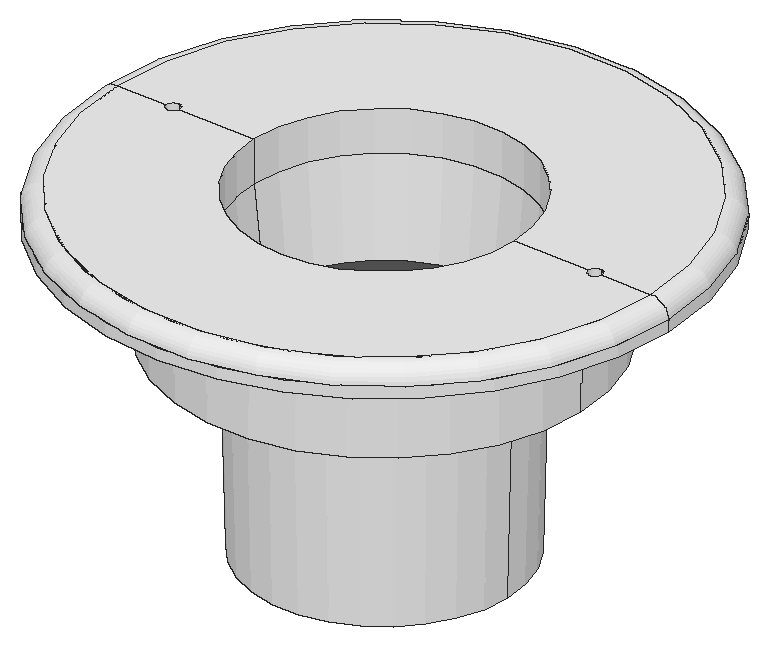
Revit family "Duct_Outlet-Unico-Round", category Duct Accessories, Revit 2020
Family settings
  Round Connector Dimension = Use Diameter
  Part Type = Attaches To
  OmniClass Number = 23.75.70.00
  OmniClass Title = HVAC Distribution Devices
  Work Plane-Based = Yes
  Always vertical = No
  Cut with Voids When Loaded = No
  Shared = No
Parameters (values of type "Not a Type - Load Type Catalog")
  Width = if(Constraints = 1, 5 1/2", if(Constraints = 2, 5", if(Constraints = 3, 5 1/2", if(Constraints = 4, 5 1/2", if(Constraints = 5, 5 5/128", if(Constraints = 6, 5", if(Constraints = 7, 5", 5 1/2")))))))  # 5 1/2"
  Warranty URL = "https://www.unicosystem.com/wp-content/uploads/2022/08/Bulletin-10-010.pdf"
  Video Link = "https://www.youtube.com/watch?v=aUAUzyZZRxY&themeRefresh=1"
  Version = "2020 - v1.0a"  # constant formula
  URL = "https://www.unicosystem.com/"
  Product Page URL = "https://www.unicosystem.com/wp-content/uploads/2022/07/Bulletin-20-065.pdf"
  Product Documentation Link = ""
  Performance URL = "https://www.unicosystem.com/literature-media/"
  Model = "Load Type Catalog"
  Manufacturer Phone Number = "314-481-9000"  # constant formula
  Manufacturer Fax Number = "314-457-9000"  # constant formula
  Manufacturer Email = "https://www.unicosystem.com/customer-%20support/"
  Manufacturer Address = "1120 Intagliata Drive Arnold, MO 63010"  # constant formula
  Manufacturer = "Unico, Inc."  # constant formula
  Keynote = "23 30 00"
  Instruction Sheet Link = ""
  Height = if(Constraints = 1, 0.00984", if(Constraints = 2, 0.00984", if(Constraints = 3, 0.00984", if(Constraints = 4, 0.01772", if(Constraints = 5, 0.02362", if(Constraints = 6, 0.03661", if(Constraints = 7, 0.04843", 0.00984")))))))  # 0.00984"
  Finish = Metal - Unico - Chrome
  Duct Connection Diameter = if(Constraints = 1, 2 1/2", if(Constraints = 2, 2", if(Constraints = 3, 2", if(Constraints = 4, 2 1/2", if(Constraints = 5, 2 1/2", if(Constraints = 6, 2 1/2", if(Constraints = 7, 2 1/2", 2 1/2")))))))  # 2 1/2"
  Description = "Round Outlet"  # constant formula
  Default Elevation = 48"
  Copyright = "© 2022 The Unico System. All rights reserved."  # constant formula
  Constraints = 1
  C Connector Offset = if(Constraints = 1, 0.9937", if(Constraints = 2, 0", if(Constraints = 3, 0", if(Constraints = 4, 1 1/4", if(Constraints = 5, 0", if(Constraints = 6, 0", if(Constraints = 7, 0", 0.9937")))))))  # 0.9937"
  Assembly Code = "D3040100"
Reference planes (in)
  plane 1 "Center (Front/Back)": y = 0
  plane 2: z = 0
  plane 3 "Center (Left/Right)": x = 0
  plane 4: z = -0.9937
Forms (in)
  Extrusion 1, solid, material "Metal - Unico - Chrome" <- "Finish", not visible
    sketch origin (1.8968, -180, -0.9937) x (0, -1, 0) y (-1, 0, 0)
      loop
        circle (-180, 1.8968) r 0.33857
    from 0 to -0.19922
Dimensions and locks (in)
  "C Connector Offset": plane 2 to plane 4
  aligned and locked: plane 2 to level
  aligned and locked: plane 3 "Center (Left/Right)" to nested 1
  aligned and locked: plane 1 "Center (Front/Back)" to nested 1
  aligned and locked: plane 3 "Center (Left/Right)" to Extrusion 1 sketch curve
  aligned and locked: plane 1 "Center (Front/Back)" to Extrusion 1 sketch curve
Automatic sketch dimensions
  radius of Extrusion 1 sketch curve = 0.33857"
Nested families (in)
  nested 1: "Nested-Ends" at (0, 0, 0), type "Nested-Ends"
    with UPC-57T-F no, UPC-256 yes, Constraints 1
Connectors (in)
  hvac at (0, 0, -0.9937), driven by "Duct Connection Diameter"
    settings: on Extrusion 1, index 1, duct flow 0 CFM, flow factor 0, pres drop 0.00 in-wg, loss coef 0, conn angle 0.00°, conn width 12", conn height 12", conn diameter 2 1/2", duct sys type 1, conn prof type 0, flow config 0, flow direction 1, loss method 0, conn ref index -1, conn util no, is conn primary yes, conn desc "Duct Connection"
Definition of nested family "Nested-Ends"
  Parameters (values of type "Nested-Ends")
    UPC-58-25 = Constraints = 3  # no
    UPC-58-15 = Constraints = 2  # no
    UPC-57T-F = Constraints = 7  # yes
    UPC-57T = Constraints = 6  # no
    UPC-56TB = Constraints = 5  # no
    UPC-257 = Constraints = 4  # no
    UPC-256 = Constraints = 1  # no
    Finish = none
    Default Elevation = 0"
    Constraints = 7
  Reference planes (in)
    plane 1 "Center (Front/Back)": y = 0
    plane 2: z = 0
    plane 3 "Center (Left/Right)": x = 0
  Forms (in)
    Revolve 1, solid, material <- "Finish", visible <- "UPC-58-15"
      sketch origin (-17.19181, 0, 0) x (1, 0, 0) y (0, 0, 1)
        loop
          line (15.56681, 0) -> (16.23253, 0) -> (16.26721, -1.25) -> (17.19181, -1.25) -> (17.19181, 0.0843) -> (16.19181, 0.0843) -> (16.19181, 2.55185) -> (15.50444, 2.55185) -> (15.56681, 0)
        axis (17.19181, -1.25) -> (17.19181, 2.55185)
      angle from 0 to 360
    Revolve 2, solid, material <- "Finish", visible <- "UPC-58-15"
      sketch origin (-17.17416, 0, -0.01292) x (1, 0, 0) y (0, 0, 1)
        loop
          line (18.14009, 1.17705) -> (19.58897, 0.78882) -> (19.60588, 0.85192)
          arc (19.60588, 0.85192) -> (19.59844, 0.97361) -> (19.51925, 1.06632) r 0.19212
          line (19.51925, 1.06632) -> (18.20479, 1.41853) -> (18.14009, 1.17705)
        axis (17.17416, 1.43587) -> (17.23886, 1.67735)
      angle from 0 to 360
    Extrusion 3, void
      sketch origin (-17.26648, 0, 3.40762) x (0.965926, 0, -0.258819) y (0, 1, 0)
        loop
          circle (15.31681, 0) r 0.0625
        loop
          circle (19.06681, 0) r 0.0625
      from 2.46261 to 3.05247
    Extrusion 4, void
      sketch origin (-17.19181, 0, 0) x (1, 0, 0) y (0, 0, 1)
        loop
          line (19.60662, 0.7759) -> (19.60662, 3.00823) -> (14.77699, 3.00823) -> (14.77699, 2.07) -> (19.60662, 0.7759)
      from -2.84419 to 3.5213
    Revolve 5, solid, material <- "Finish", visible <- "UPC-58-25"
      sketch origin (-16.04466, 0, 0) x (1, 0, 0) y (0, 0, 1)
        loop
          line (14.41966, 0) -> (15.08538, 0) -> (15.12006, -1.25) -> (16.04466, -1.25) -> (16.04466, 0.0843) -> (15.04466, 0.0843) -> (15.04466, 3.33092) -> (14.33825, 3.33092) -> (14.41966, 0)
        axis (16.04466, -1.25) -> (16.04466, 3.33092)
      angle from 0 to 360
    Revolve 6, solid, material <- "Finish", visible <- "UPC-58-25"
      sketch origin (-17.3411, 0, 5.50036) x (0.906308, 0, -0.422618) y (0.422618, 0, 0.906308)
        loop
          line (16.13, 3.74643) -> (16.13, 3.99643) -> (14.80655, 3.99643)
          arc (14.80655, 3.99643) -> (14.69091, 3.95113) -> (14.6368, 3.83934) r 0.17026
          line (14.6368, 3.83934) -> (14.6368, 3.74643) -> (16.13, 3.74643)
        axis (17.3868, 3.74643) -> (17.3868, 3.99643)
      angle from 0 to 360
    Extrusion 7, void
      sketch origin (-16.38966, 0, 4.36496) x (0.906308, 0, -0.422618) y (0, 1, 0)
        loop
          circle (14.16966, 0) r 0.0625
        loop
          circle (17.91966, 0) r 0.0625
      from 4.30478 to 4.70705
    Extrusion 8, void
      sketch origin (-16.04466, 0, 0) x (1, 0, 0) y (0, 0, 1)
        loop
          line (13.55231, 2.71) -> (18.537, 0.3856) -> (18.537, 4.21) -> (13.55231, 4.21) -> (13.55231, 2.71)
      from -2.80574 to 2.87279
    Revolve 9, solid, material <- "Finish", visible <- "UPC-56TB"
      sketch origin (-40.03614, 0, 0) x (1, 0, 0) y (0, 0, 1)
        loop
          line (37.51614, 0.33224) -> (38.39528, 0.33224) -> (38.39528, 0) -> (40.03614, 0) -> (40.03614, 0.19779) -> (39.08483, 0.19779) -> (39.08483, 0.58224) -> (37.76239, 0.58224)
          arc (37.76239, 0.58224) -> (37.61444, 0.53747) -> (37.51614, 0.41816) r 0.26683
          line (37.51614, 0.41816) -> (37.51614, 0.33224)
        axis (40.03614, 0) -> (40.03614, 0.58224)
      angle from 0 to 360
    Revolve 10, solid, material <- "Finish", visible <- "UPC-57T"
      sketch origin (-48.66205, 0, 0) x (1, 0, 0) y (0, 0, 1)
        loop
          line (47.65705, 0.48969) -> (47.65705, 0.93969) -> (47.47416, 0.93969)
          arc (47.47416, 0.93969) -> (46.80519, 0.77797) -> (46.16205, 0.53294) r 5.43087
          line (46.16205, 0.53294) -> (46.16205, 0.48969) -> (47.00688, 0.48969) -> (47.02399, 0) -> (48.66205, 0) -> (48.66205, 0.48969) -> (47.65705, 0.48969)
        axis (48.66205, 0) -> (48.66205, 0.93969)
      angle from 0 to 360
    Revolve 11, solid, material <- "Finish", visible <- "UPC-57T-F"
      sketch origin (-54.40813, 0, 0) x (1, 0, 0) y (0, 0, 1)
        loop
          line (52.75928, 0.47049) -> (52.77571, 0) -> (54.40813, 0) -> (54.40813, 0.5) -> (53.40813, 0.5) -> (53.40813, 1.22049) -> (51.90813, 1.22049) -> (51.90813, 0.47049) -> (52.75928, 0.47049)
        axis (54.40813, 0) -> (54.40813, 1.22049)
      angle from 0 to 360
    Revolve 12, solid, material <- "Finish", visible <- "UPC-256"
      sketch origin (0, 0, -0.99371) x (1, 0, 0) y (0, 0, 1)
        loop
          line (-1.2448, 0) -> (-1.19473, -1.85275) -> (0, -1.85275) -> (0, 0) -> (-1.16508, 0) -> (-1.2568, 0.87267) -> (-1.2568, 1.25828) -> (-2.58025, 1.25828)
          arc (-2.58025, 1.25828) -> (-2.69589, 1.21298) -> (-2.75, 1.10119) r 0.17026
          line (-2.75, 1.10119) -> (-2.75, 0.99371) -> (-1.91414, 0.99371) -> (-1.8968, 0) -> (-1.2448, 0)
        axis (0, -1.85275) -> (0, 1.25828)
      angle from 0 to 360
    Extrusion 13, void
      sketch origin (0, 0, -0.99371) x (1, 0, 0) y (0, 1, 0)
        loop
          circle (-2.04, 0) r 0.0625
        loop
          circle (2.04, 0) r 0.0625
      from 0.9348 to 1.50843
    Revolve 14, solid, material <- "Finish", visible <- "UPC-257"
      sketch origin (-30.97172, 0, -1.24981) x (1, 0, 0) y (0, 0, 1)
        loop
          line (29.77699, -1.85275) -> (30.97172, -1.85275) -> (30.97172, 0.8634) -> (29.71672, 0.8634) -> (29.71672, 1.69981) -> (29.56624, 1.69981)
          arc (29.56624, 1.69981) -> (28.90023, 1.54223) -> (28.25665, 1.30942) r 5.96664
          arc (28.25665, 1.30942) -> (28.22937, 1.28537) -> (28.22172, 1.24981) r 0.05813
          line (28.22172, 1.24981) -> (29.05991, 1.24981) -> (29.08172, 0) -> (29.73163, 0) -> (29.77699, -1.85275)
        axis (30.97172, -1.85275) -> (30.97172, 1.69981)
      angle from 0 to 360
  Cuts and joins
    Extrusion 3, Extrusion 4 cuts Revolve 1
    Extrusion 3, Extrusion 13 cuts Revolve 2
    Extrusion 7 cuts Revolve 6
    Extrusion 8 cuts Revolve 5
    Extrusion 13 cuts Revolve 12
  Dimensions and locks (in)
    aligned and locked: plane 2 to level
Types in the file's own list only (40): name | Width | Model | Height | Finish | Duct Connection Diameter | Constraints | C Connector Offset
  UPC-256 | 5 1/2" | "UPC-256" | 0" | Paint - Unico - White | 3" | 1 | 1"
  UPC-256-BLK | 5 1/2" | "UPC-256-BLK" | 0" | Paint - Unico - Black | 3" | 1 | 1"
  UPC-256-CHR | 5 1/2" | "UPC-256-CHR" | 0" | Metal - Unico - Chrome | 3" | 1 | 1"
  UPC-256-BRS | 5 1/2" | "UPC-256-BRS" | 0" | Metal - Unico - Brass | 3" | 1 | 1"
  UPC-56TB | 5 1/16" | "UPC-56TB" | 0" | Paint - Unico - White | 3" | 5 | 0"
  UPC-56TB-BLK | 5 1/16" | "UPC-56TB-BLK" | 0" | Paint - Unico - Black | 3" | 5 | 0"
  UPC-56TB-CHR | 5 1/16" | "UPC-56TB-CHR" | 0" | Metal - Unico - Chrome | 3" | 5 | 0"
  UPC-56TB-BRS | 5 1/16" | "UPC-56TB-BRS" | 0" | Metal - Unico - Brass | 3" | 5 | 0"
  UPC-57T-WO | 5" | "UPC-57T-WO" | 1/16" | Wood - Unico - White Oak | 3" | 6 | 0"
  UPC-57T-WL | 5" | "UPC-57T-WL" | 1/16" | Wood - Unico - Walnut | 3" | 6 | 0"
  UPC-57T-RO | 5" | "UPC-57T-RO" | 1/16" | Wood - Unico - Red Oak | 3" | 6 | 0"
  UPC-57T-PO | 5" | "UPC-57T-PO" | 1/16" | Wood - Unico - Poplar | 3" | 6 | 0"
  UPC-57T-PI | 5" | "UPC-57T-PI" | 1/16" | Wood - Unico - Pine | 3" | 6 | 0"
  UPC-57T-MA | 5" | "UPC-57T-MA" | 1/16" | Wood - Unico - Maple | 3" | 6 | 0"
  UPC-57T-MH | 5" | "UPC-57T-MH" | 1/16" | Wood - Unico - Mahogany | 3" | 6 | 0"
  UPC-57T-K | 5" | "UPC-57T-K" | 1/16" | Wood - Unico - Knotted Pine | 3" | 6 | 0"
  UPC-57T-C | 5" | "UPC-57T-C" | 1/16" | Wood - Unico - Cherry | 3" | 6 | 0"
  UPC-57T-B | 5" | "UPC-57T-B" | 1/16" | Wood - Unico - Birch | 3" | 6 | 0"
  UPC-57T-WO-F | 5" | "UPC-57T-WO-F" | 1/16" | Wood - Unico - White Oak | 3" | 7 | 0"
  UPC-57T-WL-F | 5" | "UPC-57T-WL-F" | 1/16" | Wood - Unico - Walnut | 3" | 7 | 0"
  UPC-57T-RO-F | 5" | "UPC-57T-RO-F" | 1/16" | Wood - Unico - Red Oak | 3" | 7 | 0"
  UPC-57T-PO-F | 5" | "UPC-57T-PO-F" | 1/16" | Wood - Unico - Poplar | 3" | 7 | 0"
  UPC-57T-PI-F | 5" | "UPC-57T-PI-F" | 1/16" | Wood - Unico - Pine | 3" | 7 | 0"
  UPC-57T-MA-F | 5" | "UPC-57T-MA-F" | 1/16" | Wood - Unico - Maple | 3" | 7 | 0"
  UPC-57T-MH-F | 5" | "UPC-57T-MH-F" | 1/16" | Wood - Unico - Mahogany | 3" | 7 | 0"
  UPC-57T-K-F | 5" | "UPC-57T-K-F" | 1/16" | Wood - Unico - Knotted Pine | 3" | 7 | 0"
  UPC-57T-C-F | 5" | "UPC-57T-C-F" | 1/16" | Wood - Unico - Cherry | 3" | 7 | 0"
  UPC-57T-B-F | 5" | "UPC-57T-B-F" | 1/16" | Wood - Unico - Birch | 3" | 7 | 0"
  UPC-257-WO | 5 1/2" | "UPC-257-WO" | 0" | Wood - Unico - White Oak | 3" | 4 | 1 1/4"
  UPC-257-WL | 5 1/2" | "UPC-257-WL" | 0" | Wood - Unico - Walnut | 3" | 4 | 1 1/4"
  UPC-257-RO | 5 1/2" | "UPC-257-RO" | 0" | Wood - Unico - Red Oak | 3" | 4 | 1 1/4"
  UPC-257-PO | 5 1/2" | "UPC-257-PO" | 0" | Wood - Unico - Poplar | 3" | 4 | 1 1/4"
  UPC-257-PI | 5 1/2" | "UPC-257-PI" | 0" | Wood - Unico - Pine | 3" | 4 | 1 1/4"
  UPC-257-MA | 5 1/2" | "UPC-257-MA" | 0" | Wood - Unico - Maple | 3" | 4 | 1 1/4"
  UPC-257-MH | 5 1/2" | "UPC-257-MH" | 0" | Wood - Unico - Mahogany | 3" | 4 | 1 1/4"
  UPC-257-K | 5 1/2" | "UPC-257-K" | 0" | Wood - Unico - Knotted Pine | 3" | 4 | 1 1/4"
  UPC-257-C | 5 1/2" | "UPC-257-C" | 0" | Wood - Unico - Cherry | 3" | 4 | 1 1/4"
  UPC-257-B | 5 1/2" | "UPC-257-B" | 0" | Wood - Unico - Birch | 3" | 4 | 1 1/4"
  UPC-58-15 | 5" | "UPC-58-15" | 0" | Paint - Unico - White | 2" | 2 | 0"
  UPC-58-25 | 5 1/2" | "UPC-58-25" | 0" | Paint - Unico - White | 2" | 3 | 0"
